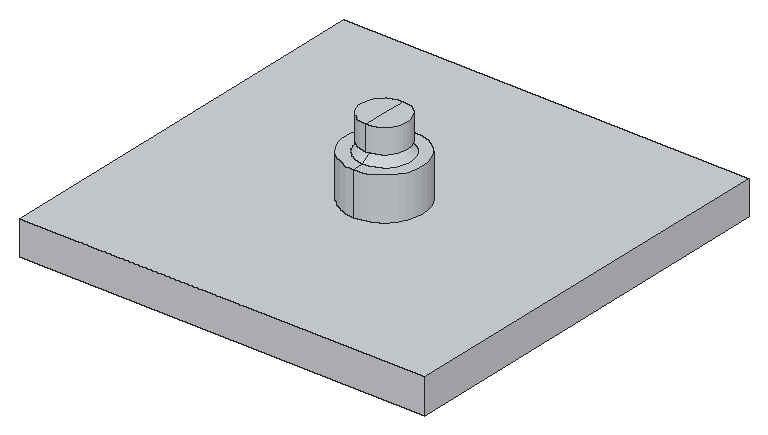
Revit family "BRG-GRF-DCH_ Briggs Reg. Cuad. Top ABS 20 +ù 20 cm Cr", category Aparatos sanitarios, Revit 2020 (continued)
Definition of nested family "REJILLA"
  Automatic sketch dimensions
    plane 1 "Centro (Frontal/Posterior)" to Extrusion 31 sketch curve = 0.065 m
    plane 3 "Centro (Izquierda/Derecha)" to Extrusion 32 sketch curve = 0.061 m
    plane 1 "Centro (Frontal/Posterior)" to Extrusion 32 sketch curve = 0.065 m
    Extrusion 33 sketch curve to plane 3 "Centro (Izquierda/Derecha)" = 0.083 m
    plane 1 "Centro (Frontal/Posterior)" to Extrusion 33 sketch curve = 0.047 m
    plane 3 "Centro (Izquierda/Derecha)" to Extrusion 34 sketch curve = 0.079 m
    plane 1 "Centro (Frontal/Posterior)" to Extrusion 34 sketch curve = 0.047 m
    Extrusion 35 sketch curve to plane 3 "Centro (Izquierda/Derecha)" = 0.065 m
    plane 1 "Centro (Frontal/Posterior)" to Extrusion 35 sketch curve = 0.047 m
    Extrusion 36 sketch curve to plane 3 "Centro (Izquierda/Derecha)" = 0.047 m
    plane 1 "Centro (Frontal/Posterior)" to Extrusion 36 sketch curve = 0.047 m
    Extrusion 37 sketch curve to plane 3 "Centro (Izquierda/Derecha)" = 0.029 m
    plane 1 "Centro (Frontal/Posterior)" to Extrusion 37 sketch curve = 0.047 m
    Extrusion 38 sketch curve to plane 3 "Centro (Izquierda/Derecha)" = 0.011 m
    plane 1 "Centro (Frontal/Posterior)" to Extrusion 38 sketch curve = 0.047 m
    plane 3 "Centro (Izquierda/Derecha)" to Extrusion 39 sketch curve = 0.007 m
    plane 1 "Centro (Frontal/Posterior)" to Extrusion 39 sketch curve = 0.047 m
    plane 3 "Centro (Izquierda/Derecha)" to Extrusion 40 sketch curve = 0.025 m
    plane 1 "Centro (Frontal/Posterior)" to Extrusion 40 sketch curve = 0.047 m
    plane 3 "Centro (Izquierda/Derecha)" to Extrusion 41 sketch curve = 0.043 m
    plane 1 "Centro (Frontal/Posterior)" to Extrusion 41 sketch curve = 0.047 m
    plane 3 "Centro (Izquierda/Derecha)" to Extrusion 42 sketch curve = 0.061 m
    plane 1 "Centro (Frontal/Posterior)" to Extrusion 42 sketch curve = 0.047 m
    plane 1 "Centro (Frontal/Posterior)" to Extrusion 43 sketch curve = 0.025 m
    Extrusion 43 sketch curve to plane 3 "Centro (Izquierda/Derecha)" = 0.083 m
    plane 1 "Centro (Frontal/Posterior)" to Extrusion 44 sketch curve = 0.025 m
    plane 3 "Centro (Izquierda/Derecha)" to Extrusion 44 sketch curve = 0.079 m
    plane 1 "Centro (Frontal/Posterior)" to Extrusion 45 sketch curve = 0.025 m
    Extrusion 45 sketch curve to plane 3 "Centro (Izquierda/Derecha)" = 0.065 m
    Extrusion 46 sketch curve to plane 3 "Centro (Izquierda/Derecha)" = 0.047 m
    plane 1 "Centro (Frontal/Posterior)" to Extrusion 46 sketch curve = 0.029 m
    Extrusion 47 sketch curve to plane 3 "Centro (Izquierda/Derecha)" = 0.029 m
    plane 1 "Centro (Frontal/Posterior)" to Extrusion 47 sketch curve = 0.029 m
    Extrusion 48 sketch curve to plane 3 "Centro (Izquierda/Derecha)" = 0.011 m
    plane 1 "Centro (Frontal/Posterior)" to Extrusion 48 sketch curve = 0.029 m
    plane 3 "Centro (Izquierda/Derecha)" to Extrusion 49 sketch curve = 0.007 m
    plane 1 "Centro (Frontal/Posterior)" to Extrusion 49 sketch curve = 0.029 m
    plane 3 "Centro (Izquierda/Derecha)" to Extrusion 50 sketch curve = 0.025 m
    plane 1 "Centro (Frontal/Posterior)" to Extrusion 50 sketch curve = 0.029 m
    plane 3 "Centro (Izquierda/Derecha)" to Extrusion 51 sketch curve = 0.043 m
    plane 1 "Centro (Frontal/Posterior)" to Extrusion 51 sketch curve = 0.029 m
    plane 1 "Centro (Frontal/Posterior)" to Extrusion 52 sketch curve = 0.025 m
    plane 3 "Centro (Izquierda/Derecha)" to Extrusion 52 sketch curve = 0.061 m
    plane 1 "Centro (Frontal/Posterior)" to Extrusion 53 sketch curve = 0.007 m
    Extrusion 53 sketch curve to plane 3 "Centro (Izquierda/Derecha)" = 0.083 m
    plane 1 "Centro (Frontal/Posterior)" to Extrusion 54 sketch curve = 0.007 m
    plane 3 "Centro (Izquierda/Derecha)" to Extrusion 54 sketch curve = 0.079 m
    plane 1 "Centro (Frontal/Posterior)" to Extrusion 55 sketch curve = 0.007 m
    Extrusion 55 sketch curve to plane 3 "Centro (Izquierda/Derecha)" = 0.065 m
    plane 1 "Centro (Frontal/Posterior)" to Extrusion 56 sketch curve = 0.007 m
    Extrusion 56 sketch curve to plane 3 "Centro (Izquierda/Derecha)" = 0.047 m
    plane 1 "Centro (Frontal/Posterior)" to Extrusion 57 sketch curve = 0.007 m
    Extrusion 57 sketch curve to plane 3 "Centro (Izquierda/Derecha)" = 0.029 m
    Extrusion 58 sketch curve to plane 3 "Centro (Izquierda/Derecha)" = 0.011 m
    plane 1 "Centro (Frontal/Posterior)" to Extrusion 58 sketch curve = 0.011 m
    plane 3 "Centro (Izquierda/Derecha)" to Extrusion 59 sketch curve = 0.007 m
    plane 1 "Centro (Frontal/Posterior)" to Extrusion 59 sketch curve = 0.011 m
    plane 1 "Centro (Frontal/Posterior)" to Extrusion 60 sketch curve = 0.007 m
    plane 3 "Centro (Izquierda/Derecha)" to Extrusion 60 sketch curve = 0.025 m
    plane 1 "Centro (Frontal/Posterior)" to Extrusion 61 sketch curve = 0.007 m
    plane 3 "Centro (Izquierda/Derecha)" to Extrusion 61 sketch curve = 0.043 m
    plane 1 "Centro (Frontal/Posterior)" to Extrusion 62 sketch curve = 0.007 m
    plane 3 "Centro (Izquierda/Derecha)" to Extrusion 62 sketch curve = 0.061 m
    Extrusion 63 sketch curve to plane 1 "Centro (Frontal/Posterior)" = 0.011 m
    Extrusion 63 sketch curve to plane 3 "Centro (Izquierda/Derecha)" = 0.083 m
    Extrusion 64 sketch curve to plane 1 "Centro (Frontal/Posterior)" = 0.011 m
    plane 3 "Centro (Izquierda/Derecha)" to Extrusion 64 sketch curve = 0.079 m
    Extrusion 65 sketch curve to plane 1 "Centro (Frontal/Posterior)" = 0.011 m
    Extrusion 65 sketch curve to plane 3 "Centro (Izquierda/Derecha)" = 0.065 m
    Extrusion 66 sketch curve to plane 1 "Centro (Frontal/Posterior)" = 0.011 m
    Extrusion 66 sketch curve to plane 3 "Centro (Izquierda/Derecha)" = 0.047 m
    Extrusion 67 sketch curve to plane 1 "Centro (Frontal/Posterior)" = 0.011 m
    Extrusion 67 sketch curve to plane 3 "Centro (Izquierda/Derecha)" = 0.029 m
    Extrusion 68 sketch curve to plane 3 "Centro (Izquierda/Derecha)" = 0.011 m
    Extrusion 68 sketch curve to plane 1 "Centro (Frontal/Posterior)" = 0.007 m
    plane 3 "Centro (Izquierda/Derecha)" to Extrusion 69 sketch curve = 0.007 m
    Extrusion 69 sketch curve to plane 1 "Centro (Frontal/Posterior)" = 0.007 m
    Extrusion 70 sketch curve to plane 1 "Centro (Frontal/Posterior)" = 0.011 m
    plane 3 "Centro (Izquierda/Derecha)" to Extrusion 70 sketch curve = 0.025 m
    Extrusion 71 sketch curve to plane 1 "Centro (Frontal/Posterior)" = 0.011 m
    plane 3 "Centro (Izquierda/Derecha)" to Extrusion 71 sketch curve = 0.043 m
    Extrusion 72 sketch curve to plane 1 "Centro (Frontal/Posterior)" = 0.011 m
    plane 3 "Centro (Izquierda/Derecha)" to Extrusion 72 sketch curve = 0.061 m
    Extrusion 73 sketch curve to plane 1 "Centro (Frontal/Posterior)" = 0.029 m
    Extrusion 73 sketch curve to plane 3 "Centro (Izquierda/Derecha)" = 0.083 m
    Extrusion 74 sketch curve to plane 1 "Centro (Frontal/Posterior)" = 0.029 m
    plane 3 "Centro (Izquierda/Derecha)" to Extrusion 74 sketch curve = 0.079 m
    Extrusion 75 sketch curve to plane 1 "Centro (Frontal/Posterior)" = 0.029 m
    Extrusion 75 sketch curve to plane 3 "Centro (Izquierda/Derecha)" = 0.065 m
    Extrusion 76 sketch curve to plane 3 "Centro (Izquierda/Derecha)" = 0.047 m
    Extrusion 76 sketch curve to plane 1 "Centro (Frontal/Posterior)" = 0.025 m
    Extrusion 77 sketch curve to plane 3 "Centro (Izquierda/Derecha)" = 0.029 m
    Extrusion 77 sketch curve to plane 1 "Centro (Frontal/Posterior)" = 0.025 m
    Extrusion 78 sketch curve to plane 3 "Centro (Izquierda/Derecha)" = 0.011 m
    Extrusion 78 sketch curve to plane 1 "Centro (Frontal/Posterior)" = 0.025 m
    plane 3 "Centro (Izquierda/Derecha)" to Extrusion 79 sketch curve = 0.007 m
    Extrusion 79 sketch curve to plane 1 "Centro (Frontal/Posterior)" = 0.025 m
    plane 3 "Centro (Izquierda/Derecha)" to Extrusion 80 sketch curve = 0.025 m
    Extrusion 80 sketch curve to plane 1 "Centro (Frontal/Posterior)" = 0.025 m
    plane 3 "Centro (Izquierda/Derecha)" to Extrusion 81 sketch curve = 0.043 m
    Extrusion 81 sketch curve to plane 1 "Centro (Frontal/Posterior)" = 0.025 m
    Extrusion 82 sketch curve to plane 1 "Centro (Frontal/Posterior)" = 0.029 m
    plane 3 "Centro (Izquierda/Derecha)" to Extrusion 82 sketch curve = 0.061 m
    Extrusion 83 sketch curve to plane 3 "Centro (Izquierda/Derecha)" = 0.083 m
    Extrusion 83 sketch curve to plane 1 "Centro (Frontal/Posterior)" = 0.043 m
    plane 3 "Centro (Izquierda/Derecha)" to Extrusion 84 sketch curve = 0.079 m
    Extrusion 84 sketch curve to plane 1 "Centro (Frontal/Posterior)" = 0.043 m
    Extrusion 85 sketch curve to plane 3 "Centro (Izquierda/Derecha)" = 0.065 m
    Extrusion 85 sketch curve to plane 1 "Centro (Frontal/Posterior)" = 0.043 m
    Extrusion 86 sketch curve to plane 3 "Centro (Izquierda/Derecha)" = 0.047 m
    Extrusion 86 sketch curve to plane 1 "Centro (Frontal/Posterior)" = 0.043 m
    Extrusion 87 sketch curve to plane 3 "Centro (Izquierda/Derecha)" = 0.029 m
    Extrusion 87 sketch curve to plane 1 "Centro (Frontal/Posterior)" = 0.043 m
    Extrusion 88 sketch curve to plane 3 "Centro (Izquierda/Derecha)" = 0.011 m
    Extrusion 88 sketch curve to plane 1 "Centro (Frontal/Posterior)" = 0.043 m
    plane 3 "Centro (Izquierda/Derecha)" to Extrusion 89 sketch curve = 0.007 m
    Extrusion 89 sketch curve to plane 1 "Centro (Frontal/Posterior)" = 0.043 m
    plane 3 "Centro (Izquierda/Derecha)" to Extrusion 90 sketch curve = 0.025 m
    Extrusion 90 sketch curve to plane 1 "Centro (Frontal/Posterior)" = 0.043 m
    plane 3 "Centro (Izquierda/Derecha)" to Extrusion 91 sketch curve = 0.043 m
    Extrusion 91 sketch curve to plane 1 "Centro (Frontal/Posterior)" = 0.043 m
    plane 3 "Centro (Izquierda/Derecha)" to Extrusion 92 sketch curve = 0.061 m
    Extrusion 92 sketch curve to plane 1 "Centro (Frontal/Posterior)" = 0.043 m
    Extrusion 93 sketch curve to plane 3 "Centro (Izquierda/Derecha)" = 0.083 m
    Extrusion 93 sketch curve to plane 1 "Centro (Frontal/Posterior)" = 0.061 m
    plane 3 "Centro (Izquierda/Derecha)" to Extrusion 94 sketch curve = 0.079 m
    Extrusion 94 sketch curve to plane 1 "Centro (Frontal/Posterior)" = 0.061 m
    Extrusion 95 sketch curve to plane 3 "Centro (Izquierda/Derecha)" = 0.065 m
    Extrusion 95 sketch curve to plane 1 "Centro (Frontal/Posterior)" = 0.061 m
    Extrusion 96 sketch curve to plane 3 "Centro (Izquierda/Derecha)" = 0.047 m
    Extrusion 96 sketch curve to plane 1 "Centro (Frontal/Posterior)" = 0.061 m
    Extrusion 97 sketch curve to plane 3 "Centro (Izquierda/Derecha)" = 0.029 m
    Extrusion 97 sketch curve to plane 1 "Centro (Frontal/Posterior)" = 0.061 m
    Extrusion 98 sketch curve to plane 3 "Centro (Izquierda/Derecha)" = 0.011 m
    Extrusion 98 sketch curve to plane 1 "Centro (Frontal/Posterior)" = 0.061 m
    plane 3 "Centro (Izquierda/Derecha)" to Extrusion 99 sketch curve = 0.007 m
    Extrusion 99 sketch curve to plane 1 "Centro (Frontal/Posterior)" = 0.061 m
    plane 3 "Centro (Izquierda/Derecha)" to Extrusion 100 sketch curve = 0.025 m
    Extrusion 100 sketch curve to plane 1 "Centro (Frontal/Posterior)" = 0.061 m
    plane 3 "Centro (Izquierda/Derecha)" to Extrusion 101 sketch curve = 0.043 m
    Extrusion 101 sketch curve to plane 1 "Centro (Frontal/Posterior)" = 0.061 m
    plane 3 "Centro (Izquierda/Derecha)" to Extrusion 102 sketch curve = 0.061 m
    Extrusion 102 sketch curve to plane 1 "Centro (Frontal/Posterior)" = 0.061 m
    radius of Extrusion 3 sketch curve = 0.001 m
    radius of Extrusion 4 sketch curve = 0.001 m
    radius of Extrusion 5 sketch curve = 0.001 m
    radius of Extrusion 6 sketch curve = 0.001 m
    radius of Extrusion 7 sketch curve = 0.001 m
    radius of Extrusion 8 sketch curve = 0.001 m
    radius of Extrusion 9 sketch curve = 0.001 m
    radius of Extrusion 10 sketch curve = 0.001 m
    radius of Extrusion 11 sketch curve = 0.001 m
    radius of Extrusion 12 sketch curve = 0.001 m
    radius of Extrusion 13 sketch curve = 0.001 m
    radius of Extrusion 14 sketch curve = 0.001 m
    radius of Extrusion 15 sketch curve = 0.001 m
    radius of Extrusion 16 sketch curve = 0.001 m
    radius of Extrusion 17 sketch curve = 0.001 m
    radius of Extrusion 18 sketch curve = 0.001 m
    radius of Extrusion 19 sketch curve = 0.001 m
    radius of Extrusion 20 sketch curve = 0.001 m
    radius of Extrusion 21 sketch curve = 0.001 m
    radius of Extrusion 22 sketch curve = 0.001 m
    radius of Extrusion 23 sketch curve = 0.001 m
    radius of Extrusion 24 sketch curve = 0.001 m
    radius of Extrusion 25 sketch curve = 0.001 m
    radius of Extrusion 26 sketch curve = 0.001 m
    radius of Extrusion 27 sketch curve = 0.001 m
    radius of Extrusion 28 sketch curve = 0.001 m
    radius of Extrusion 29 sketch curve = 0.001 m
    radius of Extrusion 30 sketch curve = 0.001 m
    radius of Extrusion 31 sketch curve = 0.001 m
    radius of Extrusion 32 sketch curve = 0.001 m
    radius of Extrusion 33 sketch curve = 0.001 m
    radius of Extrusion 34 sketch curve = 0.001 m
    radius of Extrusion 35 sketch curve = 0.001 m
    radius of Extrusion 36 sketch curve = 0.001 m
    radius of Extrusion 37 sketch curve = 0.001 m
    radius of Extrusion 38 sketch curve = 0.001 m
    radius of Extrusion 39 sketch curve = 0.001 m
    radius of Extrusion 40 sketch curve = 0.001 m
    radius of Extrusion 41 sketch curve = 0.001 m
    radius of Extrusion 42 sketch curve = 0.001 m
    radius of Extrusion 43 sketch curve = 0.001 m
    radius of Extrusion 44 sketch curve = 0.001 m
    radius of Extrusion 45 sketch curve = 0.001 m
    radius of Extrusion 46 sketch curve = 0.001 m
    radius of Extrusion 47 sketch curve = 0.001 m
    radius of Extrusion 48 sketch curve = 0.001 m
    radius of Extrusion 49 sketch curve = 0.001 m
    radius of Extrusion 50 sketch curve = 0.001 m
    radius of Extrusion 51 sketch curve = 0.001 m
    radius of Extrusion 52 sketch curve = 0.001 m
    radius of Extrusion 53 sketch curve = 0.001 m
    radius of Extrusion 54 sketch curve = 0.001 m
    radius of Extrusion 55 sketch curve = 0.001 m
    radius of Extrusion 56 sketch curve = 0.001 m
    radius of Extrusion 57 sketch curve = 0.001 m
    radius of Extrusion 58 sketch curve = 0.001 m
    radius of Extrusion 59 sketch curve = 0.001 m
    radius of Extrusion 60 sketch curve = 0.001 m
    radius of Extrusion 61 sketch curve = 0.001 m
    radius of Extrusion 62 sketch curve = 0.001 m
    radius of Extrusion 63 sketch curve = 0.001 m
    radius of Extrusion 64 sketch curve = 0.001 m
    radius of Extrusion 65 sketch curve = 0.001 m
    radius of Extrusion 66 sketch curve = 0.001 m
    radius of Extrusion 67 sketch curve = 0.001 m
    radius of Extrusion 68 sketch curve = 0.001 m
    radius of Extrusion 69 sketch curve = 0.001 m
    radius of Extrusion 70 sketch curve = 0.001 m
    radius of Extrusion 71 sketch curve = 0.001 m
    radius of Extrusion 72 sketch curve = 0.001 m
    radius of Extrusion 73 sketch curve = 0.001 m
    radius of Extrusion 74 sketch curve = 0.001 m
    radius of Extrusion 75 sketch curve = 0.001 m
    radius of Extrusion 76 sketch curve = 0.001 m
    radius of Extrusion 77 sketch curve = 0.001 m
    radius of Extrusion 78 sketch curve = 0.001 m
    radius of Extrusion 79 sketch curve = 0.001 m
    radius of Extrusion 80 sketch curve = 0.001 m
    radius of Extrusion 81 sketch curve = 0.001 m
    radius of Extrusion 82 sketch curve = 0.001 m
    radius of Extrusion 83 sketch curve = 0.001 m
    radius of Extrusion 84 sketch curve = 0.001 m
    radius of Extrusion 85 sketch curve = 0.001 m
    radius of Extrusion 86 sketch curve = 0.001 m
    radius of Extrusion 87 sketch curve = 0.001 m
    radius of Extrusion 88 sketch curve = 0.001 m
    radius of Extrusion 89 sketch curve = 0.001 m
    radius of Extrusion 90 sketch curve = 0.001 m
    radius of Extrusion 91 sketch curve = 0.001 m
    radius of Extrusion 92 sketch curve = 0.001 m
    radius of Extrusion 93 sketch curve = 0.001 m
    radius of Extrusion 94 sketch curve = 0.001 m
    radius of Extrusion 95 sketch curve = 0.001 m
    radius of Extrusion 96 sketch curve = 0.001 m
    radius of Extrusion 97 sketch curve = 0.001 m
    radius of Extrusion 98 sketch curve = 0.001 m
    radius of Extrusion 99 sketch curve = 0.001 m
    radius of Extrusion 100 sketch curve = 0.001 m
    radius of Extrusion 101 sketch curve = 0.001 m
    radius of Extrusion 102 sketch curve = 0.001 m
